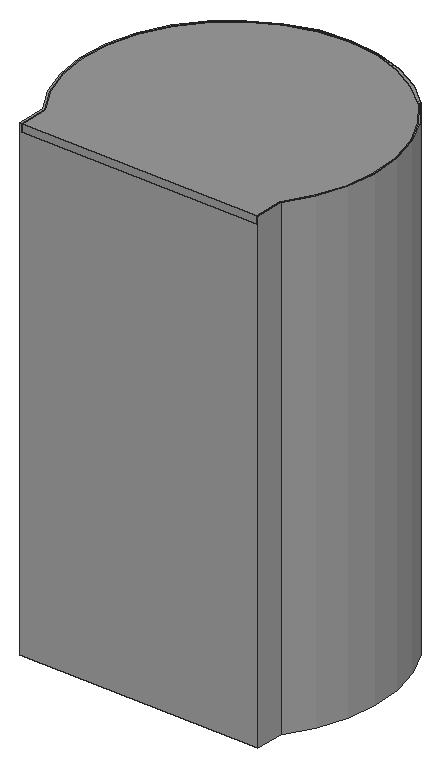
Revit family "MEP Bjørk Soap dispenser", category Electrical Equipment, host Wall, Revit 2018
Family settings
  Host = Wall
  Panel Configuration = Two Columns, Circuits Across
  Round Connector Dimension = Use Diameter
  Part Type = Panelboard
  Always vertical = Yes
  Cut with Voids When Loaded = No
  Shared = No
  Room Calculation Point = No
Parameters (values of type "OSLO")
  Voltage = "4 stk. 1,5 V Alkaline batterier type AA - Mulighed for strømtilslutning via ekstern transformer Mulighed for strømtilslutning via ekstern transformer"
  URL = ""
  Type Image = <None>
  Panel Name [instance] = "Dandryer"
  Model = "Björk-Serie"
  Manufacturer = "Dan Dryer"
  Description = "Touch-free soap dispenser"
  Cost = 0
Types (6, lengths in mm): name | Voltage | URL | Panel Name | Model | Description
  BIRK | 0 | "http://www.dandryer.dk/da-dk/produkter/produktserie-%E2%80%93-bjork/3002-bjork-haandtoerrer--valgfri-ral-farve" | (empty or 0) | "Björk-3002" | "Touch-free hand dryer"
  GEO WHITE | 0 | "http://www.dandryer.dk/da-dk/produkter/produktserie-%E2%80%93-bjork/3002-bjork-haandtoerrer--valgfri-ral-farve" | (empty or 0) | "Björk-3002" | "Touch-free hand dryer"
  GRIGIO LONDRA | 0 | "http://www.dandryer.dk/da-dk/produkter/produktserie-%E2%80%93-bjork/3002-bjork-haandtoerrer--valgfri-ral-farve" | (empty or 0) | "Björk-3002" | "Touch-free hand dryer"
  NEGRO INGO | 0 | "http://www.dandryer.dk/da-dk/produkter/produktserie-%E2%80%93-bjork/3002-bjork-haandtoerrer--valgfri-ral-farve" | (empty or 0) | "Björk-3002" | "Touch-free hand dryer"
  OSLO | "4 stk. 1,5 V Alkaline batterier type AA - Mulighed for strømtilslutning via ekstern transformer Mulighed for strømtilslutning via ekstern transformer" | "" | "Dandryer" | "Björk-Serie" | "Touch-free soap dispenser"
  BIANCO MALE | 0 | "http://www.dandryer.dk/da-dk/produkter/produktserie-%E2%80%93-bjork/3002-bjork-haandtoerrer--valgfri-ral-farve" | (empty or 0) | "Björk-3002" | "Touch-free hand dryer"
Reference planes
  plane 1 "Wall": y = 0
  plane 2 "Center (Left/Right)": x = 125
  plane 3 "Back": y = 75
Forms (mm)
  Extrusion 1, solid, material "Blank Hvid", not visible
    sketch origin (0, 0, 0) x (1, 0, 0) y (0, 1, 0)
      loop
        arc (42.212, 95.366) -> (42.426, 94.946) -> (42.5, 94.481) r 1.5
        line (42.5, 94.481) -> (42.5, 75.3) -> (43.7, 75.3) -> (43.7, 94.481)
        arc (43.7, 94.481) -> (43.567, 95.318) -> (43.181, 96.073) r 2.7
        arc (43.181, 96.073) -> (125, 257.1) -> (206.819, 96.073) r 101.3
        arc (206.819, 96.073) -> (206.433, 95.318) -> (206.3, 94.481) r 2.7
        line (206.3, 94.481) -> (206.3, 75.3) -> (207.5, 75.3) -> (207.5, 94.481)
        arc (207.5, 94.481) -> (207.574, 94.946) -> (207.788, 95.366) r 1.5
        arc (207.788, 95.366) -> (125, 258.3) -> (42.212, 95.366) r 102.5
    from 900 to 1230
  Extrusion 2, void, not visible
    sketch origin (207.5, 94.481, 0) x (0, 1, 0) y (0, 0, -1)
      loop
        line (-19.181, -1225) -> (-19.181, -1230) -> (6.154, -1230)
        arc (6.154, -1230) -> (3.068, -1228.36) -> (2.105, -1225) r 4.47
        line (2.105, -1225) -> (-19.181, -1225)
    from -10.952 to 170.161
  Extrusion 3, void, not visible
    sketch origin (207.5, 94.481, 2130) x (0, 1, 0) y (0, 0, -1)
      loop
        line (-19.181, 1225) -> (2.105, 1225)
        arc (2.105, 1225) -> (3.068, 1228.36) -> (6.154, 1230) r 4.47
        line (6.154, 1230) -> (-19.181, 1230) -> (-19.181, 1225)
    from -6 to 179.451
  Extrusion 4, solid, not visible
    sketch origin (207.5, 75.3, 907) x (0, 1, 0) y (-1, 0, 0)
      loop
        line (0, 163.8) -> (0, 1.2) -> (19.181, 1.2)
        arc (19.181, 1.2) -> (20.018, 1.067) -> (20.773, 0.681) r 2.7
        arc (20.773, 0.681) -> (181.8, 82.5) -> (20.773, 164.319) r 101.3
        arc (20.773, 164.319) -> (20.018, 163.933) -> (19.181, 163.8) r 2.7
        line (19.181, 163.8) -> (0, 163.8)
    from 0 to -2
  Extrusion 5, void, not visible
    sketch origin (206.3, 75.3, 0) x (-1, 0, 0) y (0, 0, 1)
      loop
        arc (83.312, 976) -> (81.303, 978.014) -> (79.288, 976) r 2.012
        line (79.288, 976) -> (79.285, 930)
        arc (79.285, 930) -> (81.297, 927.986) -> (83.312, 930) r 2.012
        line (83.312, 930) -> (83.312, 976)
    from 174.915 to 189.234
  Extrusion 6, solid, not visible
    sketch origin (206.3, 75.3, 0) x (1, 0, 0) y (0, 0, 1)
      loop
        line (-83.312, 975.984) -> (-83.312, 930)
        arc (-83.312, 930) -> (-81.291, 928.118) -> (-79.287, 930.016) r 2.015
        line (-79.287, 930.016) -> (-79.288, 976)
        arc (-79.288, 976) -> (-81.309, 977.882) -> (-83.312, 975.984) r 2.015
    from -182.98 to -174.915
  Extrusion 7, solid, material "RAL FARVE", not visible
    sketch origin (0, 0, 0) x (1, 0, 0) y (0, 1, 0)
      loop
        arc (42.212, 95.366) -> (42.426, 94.946) -> (42.5, 94.481) r 1.5
        line (42.5, 94.481) -> (42.5, 75.3) -> (43.7, 75.3) -> (43.7, 94.481)
        arc (43.7, 94.481) -> (43.567, 95.318) -> (43.181, 96.073) r 2.7
        arc (43.181, 96.073) -> (125, 257.1) -> (206.819, 96.073) r 101.3
        arc (206.819, 96.073) -> (206.433, 95.318) -> (206.3, 94.481) r 2.7
        line (206.3, 94.481) -> (206.3, 75.3) -> (207.5, 75.3) -> (207.5, 94.481)
        arc (207.5, 94.481) -> (207.574, 94.946) -> (207.788, 95.366) r 1.5
        arc (207.788, 95.366) -> (125, 258.3) -> (42.212, 95.366) r 102.5
    from 900 to 1230
Text (mm)
  text "Placement Side" at (-1848.837, 1116.779, 0), in view "Ref. Level"
  text "Placement side" at (0, 1409.804, 2854.306), in view "Left"
  text "Placement side" at (0, 499.811, 2980.732), in view "Right"
Dimensions and locks
  locked: plane 3 "Back" to host wall
  aligned and locked: plane 1 "Wall" to host wall
  aligned and locked: plane 3 "Back" to nested 1  (x2)
Nested families
  nested 1: "Master Handdryer" at (125, 75, 1100), type "Master Handdryer"
Definition of nested family "Master Handdryer"
  Parameters (values of type "Master Handdryer")
    Surface Top = none
    Surface Front = none
  Reference planes
    plane 1 "Center (Front/Back)": y = 0
    plane 2: z = 0
    plane 3 "Center (Left/Right)": x = 0
  Forms (mm)
    Extrusion 1, solid, material <- "Surface Front"
      sketch origin (0, 0, 0) x (1, 0, 0) y (0, 1, 0)
        loop
          arc (82.5, 19.672) -> (0, 183) -> (-82.5, 19.672) r 102.5
          line (-82.5, 19.672) -> (-82.5, 0) -> (82.5, 0) -> (82.5, 19.672)
      from 0 to 330
    Extrusion 2, solid, material <- "Surface Top"
      sketch origin (0, 0, 330) x (1, 0, 0) y (0, 1, 0)
        loop
          arc (81.3, 20.068) -> (0, 181.8) -> (-81.3, 20.068) r 101.3
          line (-81.3, 20.068) -> (-81.3, 0) -> (81.3, 0) -> (81.3, 20.068)
      from 0 to -5
    Extrusion 3, void
      sketch origin (0, 0, 0) x (1, 0, 0) y (0, 1, 0)
        loop
          line (-81.3, 0) -> (81.3, 0) -> (81.3, 20.068)
          arc (81.3, 20.068) -> (0, 181.8) -> (-81.3, 20.068) r 101.3
          line (-81.3, 20.068) -> (-81.3, 0)
      from 325 to 330
  Cuts and joins
    Extrusion 3 cuts Extrusion 1
  Dimensions and locks
    aligned and locked: level to plane 2
